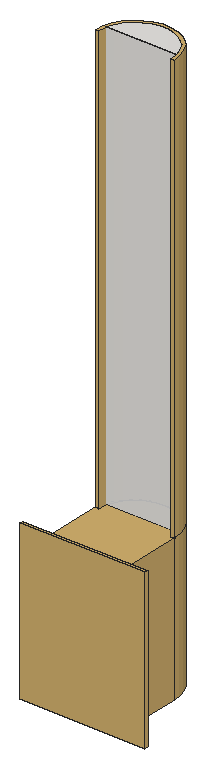
Revit family "3-520-xxB - Mies Wall Sconce", category Lighting Fixtures, host Wall, Revit 2018
Family settings
  Host = Wall
  Round Connector Dimension = Use Diameter
  Part Type = Normal
  OmniClass Number = 23.80.70.00
  OmniClass Title = Lighting
  Always vertical = Yes
  Cut with Voids When Loaded = No
  Light Source = Yes
  Shared = No
  Room Calculation Point = No
Parameters (values of type "3-520-40 / Aged Brass - Matte White Acrylic")
  Wattage Comments = "1 x 10.1 W at 120 V"  # constant formula
  Wattage = 9.2903 W
  built-in parameter 1150110 = 1 (stored number, unit not read)
  Voltage Input = "120 V or 277 V - 50/60 Hz"  # constant formula
  Voltage = 120 V
  URL = "www.oxygenlighting.com"
  built-in parameter 1114217 = 1 (stored number, unit not read)
  built-in parameter 1150109 = 1 (stored number, unit not read)
  built-in parameter 1150134 = (empty or 0)
  built-in parameter 1150113 = 1 (stored number, unit not read)
  References = "Ref. 3 = 120 V / Ref. 37 = 277 V"  # constant formula
  Model = "3-520-xx / Mies Wall Sconce"  # constant formula
  Metal Finish = 40 - Aged Brass
  Manufacturer = "Oxygen Lighting and Fans"  # constant formula
  Main Diffuser = Matte White Acrylic
  Lumens = 1380 lm
  built-in parameter 1150115 = 1 (stored number, unit not read)
  built-in parameter 1150105 = 109.82 (stored number, unit not read)
  Light Source Symbol Size = 609.6 mm
  built-in parameter 1150137 = (empty or 0)
  built-in parameter 1150139 = (empty or 0)
  built-in parameter 1150112 = 1 (stored number, unit not read)
  built-in parameter 1150114 = 1 (stored number, unit not read)
  Lamp = "LED Array"  # constant formula
  built-in parameter 1150132 = 2
  built-in parameter 1150102 = (empty or 0)
  built-in parameter 1150138 = (empty or 0)
  built-in parameter 1150107 = 3000 (stored number, unit not read)
  built-in parameter 1150106 = 1.0982 (stored number, unit not read)
  built-in parameter 1150104 = 13.8 (stored number, unit not read)
  Dimming Lamp Color Temperature Shift = <None>
  Color Filter = 16777215
  built-in parameter 1114218 = 1 (stored number, unit not read)
  built-in parameter 1150133 = 10 (stored number, unit not read)
Types (2, lengths in mm): name | Metal Finish
  3-520-14 / Polished Chrome - Matte White Acrylic | 14 - Polished Chrome
  3-520-40 / Aged Brass - Matte White Acrylic | 40 - Aged Brass
Reference planes
  plane 1: y = 0
  plane 2 "Light Source Axis (L/R)": x = 125
  plane 3 "Light Source Axis (F/R)": y = 155
  plane 4 "Light Source Elevation": z = 1100
  plane 5: y = 75
  plane 6: z = 1332.443
Text (mm)
  text "Placement side" at (-1787.139, 1116.779, 0), in view "Ref. Level"
  text "Placement side" at (0, 2110.396, 2986.058), in view "Left"
  text "Placement side" at (0, 628.478, 3011.967), in view "Right"
Dimensions and locks
  locked: plane 6 to plane 4 "Light Source Elevation" at 232.443
  locked: plane 3 "Light Source Axis (F/R)" to plane 5 at 80
  aligned and locked: plane 1 to host wall
  aligned and locked: plane 2 "Light Source Axis (L/R)" to imposter light
  aligned and locked: plane 3 "Light Source Axis (F/R)" to imposter light
  aligned and locked: plane 4 "Light Source Elevation" to imposter light
  aligned and locked: plane 5 to host wall
  aligned and locked: nested 1 to plane 5
  aligned and locked: plane 2 "Light Source Axis (L/R)" to nested 1
  aligned and locked: nested 1 to plane 6
Nested families
  nested 1: "Base" at (125, 75, 780), type "Base"
Connectors
  electrical at (125, 75, 849.814), driven by "Voltage"
    settings: on nested 1, index 1, voltage 120 V, apparent load 0 VA, apparent load phase1 0 VA, apparent load phase2 0 VA, apparent load phase3 0 VA, power factor 1, load classification "Other", number of poles 1, system type 31, power factor state 1, is connector primary yes, connector utility no, sub classification motor no, connector description ""
Definition of nested family "Base"
  Parameters (values of type "Family3")
    Metal Finish = none
    Main Diffuser = none
  Reference planes
    plane 1 "Center (Front/Back)": y = 0
    plane 2: z = 0
    plane 3 "Center (Left/Right)": x = 0
  Forms (mm)
    Extrusion 1, solid, material <- "Metal Finish"
      sketch origin (0, 0, 0) x (1, 0, 0) y (0, 1, 0)
        loop
          arc (38.027, 63.456) -> (-0.058, 101.542) -> (-38.144, 63.456) r 38.085
          line (-38.144, 63.456) -> (-38.144, 3.149) -> (38.027, 3.149) -> (38.027, 63.456)
      from 0 to 139.627
    Extrusion 2, solid, material <- "Metal Finish"
      sketch origin (0, 0, 0) x (1, 0, 0) y (0, 1, 0)
        loop
          arc (38.027, 63.456) -> (-0.058, 101.542) -> (-38.144, 63.456) r 38.085
          line (-38.144, 63.456) -> (-34.994, 63.456)
          arc (-34.994, 63.456) -> (-0.058, 98.392) -> (34.878, 63.456) r 34.936
          line (34.878, 63.456) -> (38.027, 63.456)
      from 139.627 to 552.443
    Extrusion 3, solid, material <- "Main Diffuser"
      sketch origin (0, 0, 0) x (1, 0, 0) y (0, 1, 0)
        loop
          arc (34.019, 71.155) -> (-0.058, 98.392) -> (-34.135, 71.155) r 34.936
          line (-34.135, 71.155) -> (34.019, 71.155)
      from 139.627 to 552.443
    Extrusion 4, solid, material <- "Metal Finish"
      sketch origin (0, 0, 0) x (1, 0, 0) y (0, 1, 0)
        loop
          line (-60.307, 3.149) -> (-60.307, 0) -> (60.307, 0) -> (60.307, 3.149) -> (-60.307, 3.149)
      from -6.416 to 146.043
  Cuts and joins
    joined: Extrusion 1, Extrusion 2
  Dimensions and locks
    aligned and locked: level to plane 2
